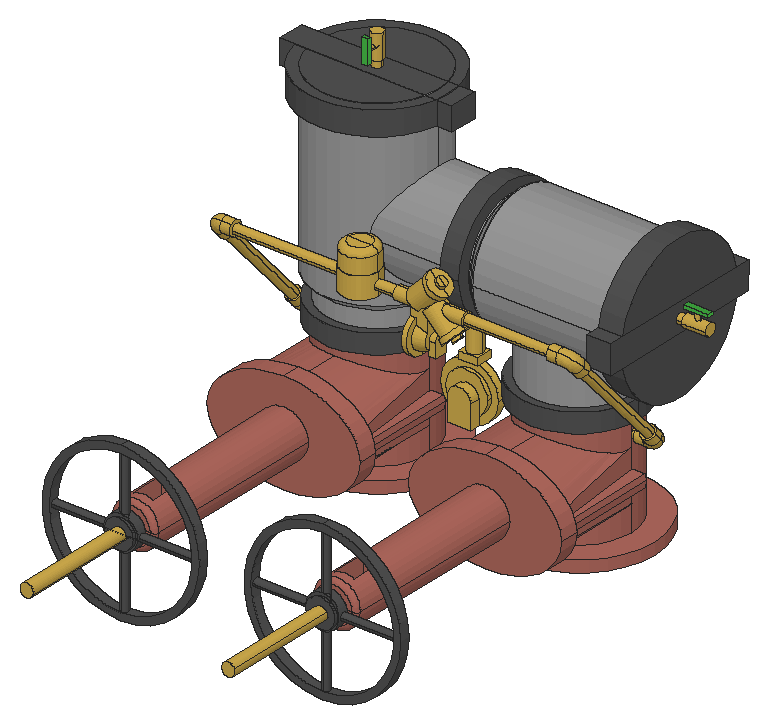
Revit family "Backflow_Preventer-RP-Zurn_Wilkins_Model_475STDA_Flanged (4-10_inch)", category Pipe Accessories, Revit 2022 (continued)
Definition of nested family "Symbolic diagram 475DAOSY_F"
  Automatic sketch dimensions
    curve 132 to plane 10 = 0' - 0"
    curve 132 to plane 61 = 0' - 0"
    curve 125 to plane 52 = 0' - 0"
    plane 17 to curve 86 = 0' - 0"
    plane 23 to curve 24 = 0' - 0"
    curve 85 to plane 42 = 0' - 0"
    curve 81 to plane 42 = 0' - 0"
    curve 167 to plane 11 = 0' - 0"
    curve 168 to plane 11 = 0' - 0"
    curve 128 to level = 0' - 0"
    curve 168 to plane 10 = 0' - 0"
    curve 167 to plane 10 = 0' - 0"
    curve 122 to plane 56 = 0' - 0"
    curve 123 to plane 56 = 0' - 0"
    curve 122 to plane 55 = 0' - 0"
    curve 123 to plane 55 = 0' - 0"
    curve 175 to plane 3 "Center (Left/Right)" = 0' - 0.05136"
    plane 12 to curve 174 = 0' - 0.03197"
    plane 58 to curve 112 = 0' - 0.09303"
    plane 58 to curve 110 = 0' - 0.09303"
    plane 59 to curve 109 = 0' - 0.06322"
    plane 59 to curve 111 = 0' - 0.06322"
    plane 44 to curve 121 = 0' - 0.19864"
    curve 120 to plane 60 = 0' - 0.28053"
    plane 10 to curve 110 = 0' - 0.71198"
    plane 8 "Top Plane" to curve 109 = 0' - 0.78802"
    plane 8 "Top Plane" to curve 121 = 0' - 0.62136"
    plane 8 "Top Plane" to curve 175 = 0' - 0.62136"
    plane 8 "Top Plane" to curve 120 = 0' - 0.28802"
    plane 8 "Top Plane" to curve 175 = 0' - 0.28802"
    plane 8 "Top Plane" to curve 194 = 0' - 0.19895"
    curve 119 to plane 8 "Top Plane" = 0' - 0.04531"
    curve 174 to plane 8 "Top Plane" = 0' - 0.04531"
    curve 103 to plane 24 = 0' - 0 3/16"
    curve 195 to plane 25 = 0' - 0.55105"
    plane 10 to curve 200 = 0' - 0.30984"
    curve 199 to plane 10 = 0' - 0.19016"
    curve 199 to plane 54 = 0' - 0.04061"
    curve 198 to plane 54 = 0' - 0.04061"
    curve 200 to plane 54 = 0' - 0.04061"
    plane 43 to curve 116 = 0' - 0.03197"
    plane 43 to curve 173 = 0' - 0.14225"
    plane 57 to curve 173 = 0' - 0.19977"
    plane 57 to curve 33 = 0' - 0.19666"
    curve 33 to plane 57 = 0' - 0.24256"
    curve 32 to plane 57 = 0' - 0.30334"
    plane 13 to curve 32 = 0' - 0.02381"
    curve 177 to plane 3 "Center (Left/Right)" = 0' - 0.31502"
    curve 176 to plane 55 = 0' - 0.14494"
    curve 176 to plane 3 "Center (Left/Right)" = 0' - 0.31502"
    curve 131 to plane 3 "Center (Left/Right)" = 0' - 0.31502"
    curve 113 to plane 3 "Center (Left/Right)" = 0' - 0.21803"
    plane 3 "Center (Left/Right)" to curve 115 = 0' - 0.33836"
    curve 115 to plane 12 = 0' - 0.11882"
    curve 114 to plane 12 = 0' - 0.07831"
    curve 176 to plane 12 = 0' - 0.02873"
    curve 131 to plane 12 = 0' - 0.02873"
    curve 177 to plane 12 = 0' - 0.02873"
    plane 12 to curve 114 = 0' - 0.21451"
    plane 12 to curve 172 = 0' - 0.2778"
    curve 114 to curve 172 = 0' - 0.3561"
    plane 59 to curve 118 = 0' - 0.06322"
    plane 59 to curve 197 = 0' - 0.12957"
    plane 59 to curve 196 = 0' - 0.12957"
    plane 59 to curve 171 = 0' - 0.12957"
    curve 179 to plane 55 = 0' - 0.14494"
    curve 179 to plane 22 = 0' - 0.37248"
    curve 178 to curve 179 = 0' - 0"
    curve 180 to plane 22 = 0' - 0.37248"
    curve 197 to plane 44 = 0' - 0.47811"
    curve 196 to plane 44 = 0' - 0.47811"
    curve 171 to plane 44 = 0' - 0.47811"
    plane 44 to curve 179 = 0' - 0.15877"
    plane 44 to curve 180 = 0' - 0.15877"
    plane 44 to curve 178 = 0' - 0.15877"
    plane 9 "Bottom Plane" to curve 32 = 0' - 0.40765"
    plane 9 "Bottom Plane" to curve 173 = 0' - 0.40765"
    plane 9 "Bottom Plane" to curve 33 = 0' - 0.40765"
    curve 33 to plane 30 = 0' - 0.38715"
    curve 32 to plane 30 = 0' - 0.38715"
    curve 173 to plane 30 = 0' - 0.38715"
    level to curve 171 = 0' - 0.40957"
    curve 198 to curve 199 = 0' - 0 1/2"  (x2)
    curve 171 to curve 196 = 0' - 0 1/2"
    curve 171 to plane 10 = 0' - 0.69016"
    curve 197 to plane 10 = 0' - 0.46543"
    curve 196 to plane 10 = 0' - 0.19016"
    plane 10 to curve 197 = 0' - 0.30984"
    curve 111 to curve 35 = 0' - 0.41302"
    curve 114 to curve 113 = 0' - 0.2926"
    curve 115 to curve 114 = 0' - 0"
    curve 172 to curve 114 = 0' - 0"
    curve 172 to curve 172 = 0' - 0.5507"
    curve 114 to curve 115 = 0' - 0.5507"
    curve 114 to curve 115 = 0' - 0"
    plane 8 "Top Plane" to curve 116 = 0' - 0.28802"
    plane 8 "Top Plane" to curve 118 = 0' - 0.28802"
    curve 101 to plane 56 = 0' - 0.45682"
    curve 103 to plane 56 = 0' - 0.45682"
    plane 52 to curve 179 = 0' - 0.28107"
    plane 52 to curve 176 = 0' - 0.28107"
    curve 131 to plane 24 = 0' - 0.162"
    curve 178 to plane 24 = 0' - 0.162"
    curve 177 to plane 55 = 0' - 0.09393"
    curve 180 to plane 55 = 0' - 0.09393"
    plane 55 to curve 131 = 0' - 0.2245"
    plane 55 to curve 178 = 0' - 0.2245"
    curve 178 to curve 180 = 0' - 0.38057"
    curve 131 to curve 177 = 0' - 0.38057"
    curve 125 to plane 25 = 0' - 0 1/4"
    curve 108 to plane 25 = 0' - 0 1/4"
    curve 200 to plane 20 = 0' - 0.65168"
    curve 198 to plane 20 = 0' - 0.65168"
    curve 199 to curve 198 = 0' - 0"
    level to curve 198 = 0' - 0.40957"
    curve 200 to plane 10 = 0' - 0.46543"
    curve 200 to curve 34 = 0' - 0.81516"
    curve 60 to plane 21 = 0' - 0"
    curve 203 to plane 54 = 0' - 0"
    curve 184 to plane 12 = 0' - 0"
    curve 154 to plane 61 = 0' - 0"
    curve 146 to plane 61 = 0' - 0"
    curve 145 to plane 61 = 0' - 0"
    curve 160 to plane 50 = 0' - 0"
    curve 64 to plane 23 = 0' - 0"
    curve 89 to plane 47 = 0' - 0"
    curve 93 to plane 47 = 0' - 0"
    curve 169 to plane 33 = 0' - 0"
    curve 170 to plane 33 = 0' - 0"
    curve 170 to plane 32 = 0' - 0"
    curve 169 to plane 32 = 0' - 0"
    curve 135 to plane 6 "Back Plane" = 0' - 0"
    curve 160 to plane 62 = 0' - 0"
    curve 136 to plane 62 = 0' - 0"
    curve 140 to plane 62 = 0' - 0"
    plane 6 "Back Plane" to curve 204 = 0' - 0.20673"
    curve 204 to plane 20 = 0' - 0 19/32"
    curve 202 to plane 62 = 0' - 0.26258"
    curve 202 to plane 20 = 0' - 0 9/16"
    plane 20 to curve 201 = 0' - 0 5/32"
    plane 58 to curve 184 = 0' - 0.29167"
    plane 58 to curve 141 = 0' - 0.09303"
    plane 58 to curve 144 = 0' - 0.09303"
    plane 59 to curve 144 = 0' - 0.06322"
    plane 59 to curve 143 = 0' - 0.06322"
    plane 44 to curve 156 = 0' - 0.19864"
    curve 157 to plane 60 = 0' - 0.28053"
    plane 32 to curve 142 = 0' - 0.33333"
    curve 142 to plane 6 "Back Plane" = 0' - 1.16667"
    curve 182 to plane 6 "Back Plane" = 0' - 1"
    curve 156 to plane 6 "Back Plane" = 0' - 1"
    curve 158 to plane 6 "Back Plane" = 0' - 0.66667"
    curve 141 to curve 183 = 0' - 0 1/2"
    curve 184 to plane 6 "Back Plane" = 0' - 0.33333"
    curve 158 to plane 6 "Back Plane" = 0' - 0.33333"
    curve 201 to plane 34 = 0' - 0 3/16"
    plane 34 to curve 203 = 0' - 0.23077"
    plane 34 to curve 135 = 0' - 0 7/16"
    plane 34 to curve 163 = 0' - 0 7/16"
    plane 34 to curve 137 = 0' - 0.49018"
    curve 76 to plane 32 = 0' - 0.32494"
    curve 76 to plane 20 = 0' - 0.69317"
    plane 32 to curve 77 = 0' - 0.10038"
    curve 76 to curve 77 = 0' - 0.12538"
    curve 190 to curve 77 = 0' - 0"
    curve 76 to plane 54 = 0' - 0.37009"
    curve 77 to plane 54 = 0' - 0.24471"
    curve 190 to plane 54 = 0' - 0.24471"
    curve 189 to plane 43 = 0' - 0.11921"
    plane 43 to curve 189 = 0' - 0.32546"
    plane 43 to curve 73 = 0' - 0.38079"
    curve 73 to plane 57 = 0' - 0.04421"
    curve 181 to plane 57 = 0' - 0.05208"
    curve 72 to plane 57 = 0' - 0.09954"
    curve 72 to plane 13 = 0' - 0.17454"
    plane 13 to curve 151 = 0' - 0.31713"
    plane 13 to curve 152 = 0' - 0.31713"
    plane 13 to curve 153 = 0' - 0.31713"
    curve 146 to plane 3 "Center (Left/Right)" = 0' - 0.21803"
    plane 3 "Center (Left/Right)" to curve 149 = 0' - 0.2025"
    plane 3 "Center (Left/Right)" to curve 150 = 0' - 0 13/64"
    curve 149 to plane 12 = 0' - 0.25106"
    curve 148 to plane 12 = 0' - 0.0475"
    plane 12 to curve 153 = 0' - 0.08912"
    curve 152 to plane 34 = 0' - 0.03974"
    plane 12 to curve 152 = 0' - 0.08912"
    plane 12 to curve 151 = 0' - 0.08912"
    plane 12 to curve 148 = 0' - 0.24894"
    plane 39 to curve 147 = 0' - 0.1841"
    plane 12 to curve 147 = 0' - 0.4525"
    plane 58 to curve 147 = 0' - 0.37606"
    plane 59 to curve 155 = 0' - 0.06322"
    plane 59 to curve 191 = 0' - 0.08808"
    plane 59 to curve 193 = 0' - 0.21346"
    plane 32 to curve 192 = 0' - 0.10038"
    plane 59 to curve 192 = 0' - 0.21346"
    curve 188 to plane 22 = 0' - 0.25463"
    curve 187 to plane 22 = 0' - 0.25463"
    curve 186 to plane 22 = 0' - 0.25463"
    curve 191 to plane 22 = 0' - 0.44241"
    curve 193 to plane 32 = 0' - 0.13915"
    curve 193 to plane 22 = 0' - 0.56779"
    curve 191 to curve 192 = 0' - 0.12538"
    curve 185 to plane 44 = 0' - 0 23/64"
    curve 187 to plane 34 = 0' - 0.03974"
    plane 44 to curve 187 = 0' - 0.27662"
    plane 44 to curve 186 = 0' - 0.27662"
    plane 44 to curve 188 = 0' - 0.27662"
    plane 7 "Front Plane" to curve 73 = 0' - 0.47385"
    plane 7 "Front Plane" to curve 189 = 0' - 0.47385"
    plane 7 "Front Plane" to curve 72 = 0' - 0.47385"
    curve 189 to plane 38 = 0' - 0.54248"
    curve 72 to plane 38 = 0' - 0.54248"
    curve 73 to curve 72 = 0' - 0"
    curve 76 to plane 1 "Center (Front/Back)" = 0' - 0.7758"
    curve 191 to plane 1 "Center (Front/Back)" = 0' - 0.7758"
    curve 191 to curve 192 = 0' - 0.42533"
    curve 76 to curve 77 = 0' - 0.42533"
    curve 154 to plane 32 = 0' - 0.33333"
    curve 191 to plane 32 = 0' - 0.32494"
    curve 190 to plane 32 = 0' - 0.13915"
    curve 190 to plane 39 = 0' - 0.48989"
    curve 142 to curve 193 = 0' - 0.30177"
    plane 39 to curve 149 = 0' - 0.1841"
    plane 39 to curve 148 = 0' - 0.1841"
    curve 148 to curve 149 = 0' - 0.69839"
    curve 149 to curve 148 = 0' - 0"
    curve 148 to curve 147 = 0' - 0"
    curve 181 to curve 182 = 0' - 0.33333"
    curve 155 to curve 156 = 0' - 0.33333"
    curve 201 to plane 62 = 0' - 0 5/8"
    curve 165 to plane 62 = 0' - 0 5/8"
    plane 62 to curve 186 = 0' - 0.27276"
    plane 62 to curve 151 = 0' - 0.27276"
    plane 34 to curve 151 = 0' - 0.25526"
    plane 34 to curve 186 = 0' - 0.25526"
    plane 34 to curve 133 = 0' - 0 7/16"
    plane 34 to curve 139 = 0' - 0 7/16"
    plane 34 to curve 188 = 0' - 0.46026"
    plane 34 to curve 153 = 0' - 0.46026"
    curve 151 to curve 152 = 0' - 0 1/2"
    curve 186 to curve 187 = 0' - 0 1/2"
    curve 150 to plane 35 = 0' - 0.26586"
    curve 185 to plane 35 = 0' - 0.23952"
    curve 153 to plane 35 = 0' - 0.18224"
    curve 188 to plane 35 = 0' - 0.18224"
Types (5): name | Symbol | Relief valve | Product Weight (lbs) | Product Installation Sheet URL | Nominal Radius | Nominal Diameter | Main Valve | Inlet to relief valve center | Gate Valve | Fitting Length | Fitting Height | Fitting Bottom end | DIM E - Valve top to bottom of relief valve | DIM D - Valve center to side coupling end | DIM C - Valve center to gate stem top | DIM B - Overall height of the valve | DIM A - Inlet center to outlet center | DA MR Length | DA MR Height | Center to top of ball on top | Center to main valve center | Center to bottom coupling
  (no name) | Symbolic diagram 475DAOSY_F : 10" | Zurn_Wilkins-Model-3707-CU-XL : 10 | 837 | "https://files.zurn.com/care-cleaning-install-warranty-sheets/is475st-8.pdf" | 0' - 5" | 0' - 10" | Zurn_Wilkins_Model_450ST-(4_Inch) : 10" | 0' - 10 7/32" | Gate Valve_475_OSY : 10" | 2' - 9" | 1' - 5" | 2' - 0" | 2' - 8 3/4" | 1' - 0 7/8" | 3' - 9 5/8" | 3' - 2 3/4" | 1' - 9" | 3' - 2 1/2" | 1' - 2" | 1' - 3 3/4" | 0' - 1 9/16" | 0' - 10"
  4-475STDA (4" 475STDA) | Symbolic diagram 475DAOSY_F : 4" | Zurn_Wilkins-Model-3707-CU-XL : 4" | 215 | "https://files.zurn.com/care-cleaning-install-warranty-sheets/is475st.pdf" | 0' - 2" | 0' - 4" | Zurn_Wilkins_Model_450ST-(4_Inch) : 4 inch | 0' - 5 31/32" | Gate Valve_475_OSY : 4" | 1' - 8" | 1' - 0 1/2" | 1' - 4" | 1' - 6.3755" | 0' - 10 1/8" | 1' - 10 1/2" | 1' - 10 1/4" | 1' - 2" | 2' - 1 1/2" | 0' - 11" | 0' - 7 1/4" | 0' - 0" | 0' - 6"
  6-475STDA (6" 475STDA) | Symbolic diagram 475DAOSY_F : 6" | Zurn_Wilkins-Model-3707-CU-XL : 6" | 343 | "https://files.zurn.com/care-cleaning-install-warranty-sheets/is475st.pdf" | 0' - 3" | 0' - 6" | Zurn_Wilkins_Model_450ST-(4_Inch) : 6" | 0' - 6 31/32" | Gate Valve_475_OSY : 6" | 2' - 0" | 1' - 1 1/4" | 1' - 8" | 1' - 10 3/8" | 0' - 10 5/8" | 2' - 6 1/2" | 2' - 3 7/8" | 1' - 4" | 2' - 5 1/2" | 0' - 11 1/2" | 0' - 9 13/16" | 0' - 1 9/16" | 0' - 7 9/16"
  8-475STDA (8" 475STDA) | Symbolic diagram 475DAOSY_F : 8" | Zurn_Wilkins-Model-3707-CU-XL : 8" | 594 | "https://files.zurn.com/care-cleaning-install-warranty-sheets/is475st-8.pdf" | 0' - 4" | 0' - 8" | Zurn_Wilkins_Model_450ST-(4_Inch) : 8" | 0' - 8 15/32" | Gate Valve_475_OSY : 8" | 2' - 6" | 1' - 4 1/2" | 2' - 0" | 2' - 6 5/8" | 1' - 0 7/8" | 3' - 1" | 2' - 10 7/8" | 1' - 6 1/2" | 2' - 11 1/2" | 1' - 2" | 1' - 1 3/4" | 0' - 1 9/16" | 0' - 9 5/8"
  10-475STDA (10" 475STDA) | Symbolic diagram 475DAOSY_F : 10" | Zurn_Wilkins-Model-3707-CU-XL : 10 | 837 | "https://files.zurn.com/care-cleaning-install-warranty-sheets/is475st-8.pdf" | 0' - 5" | 0' - 10" | Zurn_Wilkins_Model_450ST-(4_Inch) : 10" | 0' - 10 7/32" | Gate Valve_475_OSY : 10" | 2' - 9" | 1' - 5" | 2' - 0" | 2' - 8 3/4" | 1' - 0 7/8" | 3' - 9 5/8" | 3' - 2 3/4" | 1' - 9" | 3' - 2 1/2" | 1' - 2" | 1' - 3 3/4" | 0' - 1 9/16" | 0' - 10"
